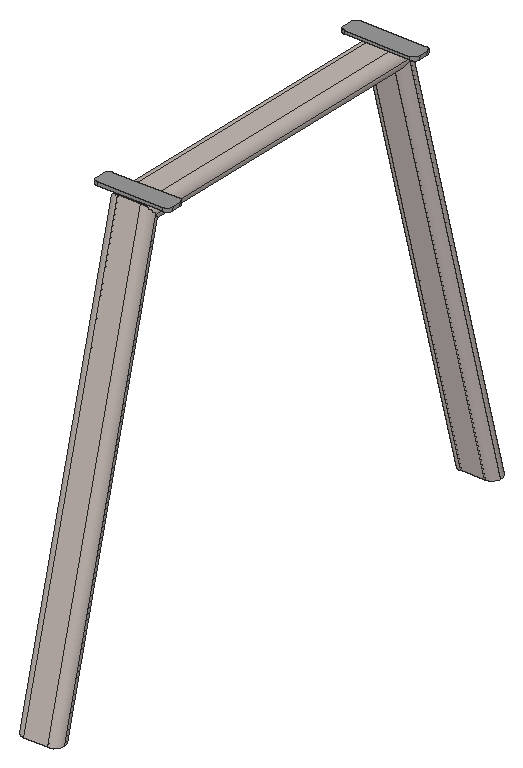
Revit family "FU_Table_Sandler_Plania_PL30250", category Furniture, Revit 2020
Family settings
  OmniClass Number = 23.40.20.00
  OmniClass Title = General Furniture and Specialties
  Work Plane-Based = No
  Always vertical = Yes
  Cut with Voids When Loaded = No
  Shared = No
  Room Calculation Point = No
Parameters (values of type "PL30150")
  Width = 145 mm
  URL = "https://www.sandlerseating.com/product/pl30250/"
  Model = "Plania PL30250"
  Manufacturer = "Sandler"
  Height = 841.5 mm
  Description = "90cm / 36″ high aluminium trestle legs with cable way out for 120cm / 48″ wide Plania table tops. Epoxy finish."
  Depth = 1075.7 mm
  Default Elevation = 0 mm
  Aluminum = M2_M82
Reference planes
  plane 1 "Center (Front/Back)": y = 0
  plane 2: z = 0
  plane 3 "Center (Left/Right)": x = 0
  plane 4 "Right": x = -72.5
  plane 5 "Left": x = 72.5
  plane 6 "Back": y = 537.85
  plane 7 "Front": y = -537.85
  plane 8 "Height": z = 841.5
  plane 9 "Seat height": z = 400
  plane 10 "Leg Right Edge": x = -40.5
  plane 11 "Leg Left Edge": x = 40.5
  plane 12 "Right Leg Angle RIGHT": through (4267.2, -519.466, 8.5) normal (0, -0.9659, 0.2588)
  plane 13 "Left Leg Angle LEFT": through (4267.2, 519.466, 8.5) normal (0, -0.9659, -0.2588)
  plane 14 "Top Leg Center RIGHT": z = 817.4
  plane 15 "Glide Height": z = 5.5
  plane 16 "Support Top": z = 835.5
  plane 17: y = -342.908
  plane 18: z = 740.108
  plane 19: y = 342.908
  plane 20 "Right Leg Angle RIGHT": through (4267.2, -479.116, 8.5) normal (0, -0.9659, 0.2588)
  plane 21: y = -302.558
  plane 22 "Left Leg Angle LEFT": through (4267.2, 479.116, 8.5) normal (0, -0.9659, -0.2588)
  plane 23: y = 302.558
Forms (mm)
  Extrusion 1, solid, material "Rubber, Black"
    sketch origin (0, 42.26, 841.5) x (-1, 0, 0) y (0, -1, 0)
      loop
        line (62.5, 355.358) -> (-62.5, 355.358)
        arc (-62.5, 355.358) -> (-69.571, 352.429) -> (-72.5, 345.358) r 10
        line (-72.5, 345.358) -> (-72.5, 327.858)
        arc (-72.5, 327.858) -> (-69.571, 320.786) -> (-62.5, 317.858) r 10
        line (-62.5, 317.858) -> (62.5, 317.858)
        arc (62.5, 317.858) -> (69.571, 320.786) -> (72.5, 327.858) r 10
        line (72.5, 327.858) -> (72.5, 345.358)
        arc (72.5, 345.358) -> (69.571, 352.429) -> (62.5, 355.358) r 10
    from -6 to 0
  Extrusion 2, void
    sketch origin (0, 0, 0) x (0, 1, 0) y (0, 0, 1)
      loop
        line (-539.53, -9.5) -> (-495.308, -9.5) -> (-495.308, 5.5) -> (-539.53, 5.5) -> (-539.53, -9.5)
    from -72.5 to 72.5
  Extrusion 3, void
    sketch origin (0, 0, 0) x (0, -1, 0) y (0, 0, -1)
      loop
        line (-539.53, 9.5) -> (-539.53, -5.5) -> (-495.308, -5.5) -> (-495.308, 9.5) -> (-539.53, 9.5)
    from -72.5 to 72.5
  Extrusion 4, solid
    sketch origin (0, 0, 0) x (1, 0, 0) y (0, 1, 0)
      loop
        arc (-14.25, -515.518) -> (-20.25, -521.518) -> (-14.25, -527.518) r 6
        line (-14.25, -527.518) -> (14.25, -527.518)
        arc (14.25, -527.518) -> (20.25, -521.518) -> (14.25, -515.518) r 6
        line (14.25, -515.518) -> (-14.25, -515.518)
    from 0 to 5.5
  Extrusion 5, solid
    sketch origin (0, 0, 0) x (1, 0, 0) y (0, 1, 0)
      loop
        line (-14.25, 515.518) -> (14.25, 515.518)
        arc (14.25, 515.518) -> (20.25, 521.518) -> (14.25, 527.518) r 6
        line (14.25, 527.518) -> (-14.25, 527.518)
        arc (-14.25, 527.518) -> (-20.25, 521.518) -> (-14.25, 515.518) r 6
    from 0 to 5.5
  Extrusion 6, solid, material "Rubber, Black"
    sketch origin (0, -42.26, 841.5) x (-1, 0, 0) y (0, -1, 0)
      loop
        arc (62.5, -355.358) -> (69.571, -352.429) -> (72.5, -345.358) r 10
        line (72.5, -345.358) -> (72.5, -327.858)
        arc (72.5, -327.858) -> (69.571, -320.786) -> (62.5, -317.858) r 10
        line (62.5, -317.858) -> (-62.5, -317.858)
        arc (-62.5, -317.858) -> (-69.571, -320.786) -> (-72.5, -327.858) r 10
        line (-72.5, -327.858) -> (-72.5, -345.358)
        arc (-72.5, -345.358) -> (-69.571, -352.429) -> (-62.5, -355.358) r 10
        line (-62.5, -355.358) -> (62.5, -355.358)
    from -6 to 0
  Sweep 7, solid, material "M2_M82" <- "Aluminum"
    path origin (0, 0, 0) x (0, 1, 0) y (0, 0, 1)
      loop
        line (-521.518, 0) -> (-302.496, 817.4) -> (302.721, 817.4) -> (521.743, 0)
    profile "Pro Lozenge : W80xH35" origin (0, -412.007, 408.7) x (0, -0.965926, 0.258819) y (1, 0, 0)
      loop
        arc (-17.48, -22.6) -> (-12.381, -34.911) -> (-0.07, -40.01) r 17.41
        arc (-0.07, -40.01) -> (12.361, -34.638) -> (17.48, -22.1) r 17.913
        line (17.48, -22.1) -> (17.48, 22.6)
        arc (17.48, 22.6) -> (12.331, 34.96) -> (-0.07, 40.01) r 17.41
        arc (-0.07, 40.01) -> (-12.381, 34.911) -> (-17.48, 22.6) r 17.41
        line (-17.48, 22.6) -> (-17.48, -22.6)
Cuts and joins
  Extrusion 2, Extrusion 3 cuts Sweep 7
Dimensions and locks
  equal spacing: plane 4 "Right", plane 3 "Center (Left/Right)", plane 5 "Left"
  "Width": plane 4 "Right" to plane 5 "Left"
  equal spacing: plane 6 "Back", plane 1 "Center (Front/Back)", plane 7 "Front"
  "Depth": plane 6 "Back" to plane 7 "Front"
  "Height": plane 8 "Height" to level
  plane 9 "Seat height" to level = 400 mm
  locked: plane 7 "Front" to plane 17 at 194.942
  locked: plane 19 to plane 6 "Back" at 194.942
  plane 8 "Height" to plane 16 "Support Top" to plane 14 "Top Leg Center RIGHT" to plane 18 = 6 mm locked, 18.1 mm locked, 77.292 mm locked
  aligned and locked: level to plane 2
  aligned and locked: plane 15 "Glide Height" to Extrusion 4
Automatic sketch dimensions
  Extrusion 1 sketch curve to plane 5 "Left" = 0 mm
  Extrusion 1 sketch curve to plane 4 "Right" = 0 mm
  Extrusion 1 sketch curve to plane 5 "Left" = 10 mm  (x2)
  plane 4 "Right" to Extrusion 1 sketch curve = 10 mm  (x2)
  plane 17 to Extrusion 1 sketch curve = 29.81 mm
  Extrusion 1 sketch curve to Extrusion 1 sketch curve = 17.5 mm
  Extrusion 2 sketch curve to plane 15 "Glide Height" = 0 mm
  Extrusion 2 sketch curve to plane 7 "Front" = 1.68 mm
  plane 7 "Front" to Extrusion 2 sketch curve = 42.542 mm
  Extrusion 2 sketch curve to level = 9.5 mm
  Extrusion 3 sketch curve to plane 15 "Glide Height" = 0 mm
  Extrusion 3 sketch curve to plane 6 "Back" = 1.68 mm
  plane 6 "Back" to Extrusion 3 sketch curve = 42.542 mm
  level to Extrusion 3 sketch curve = 9.5 mm
  Extrusion 4 sketch curve to plane 3 "Center (Left/Right)" = 14.25 mm
  plane 3 "Center (Left/Right)" to Extrusion 4 sketch curve = 14.25 mm
  plane 7 "Front" to Extrusion 4 sketch curve = 10.332 mm
  Extrusion 4 sketch curve to Extrusion 4 sketch curve = 6 mm
  Extrusion 4 sketch curve to Extrusion 4 sketch curve = 0 mm
  plane 3 "Center (Left/Right)" to Extrusion 5 sketch curve = 14.25 mm
  Extrusion 5 sketch curve to plane 3 "Center (Left/Right)" = 14.25 mm
  plane 6 "Back" to Extrusion 5 sketch curve = 10.332 mm
  Extrusion 5 sketch curve to Extrusion 5 sketch curve = 6 mm
  Extrusion 5 sketch curve to Extrusion 5 sketch curve = 0 mm
  Extrusion 6 sketch curve to plane 5 "Left" = 0 mm
  Extrusion 6 sketch curve to plane 4 "Right" = 0 mm
  plane 5 "Left" to Extrusion 6 sketch curve = 10 mm  (x2)
  Extrusion 6 sketch curve to plane 4 "Right" = 10 mm  (x2)
  Extrusion 6 sketch curve to plane 19 = 29.81 mm
  Extrusion 6 sketch curve to Extrusion 6 sketch curve = 17.5 mm
  Sweep 7 sketch curve to level = 0 mm  (x2)
  plane 14 "Top Leg Center RIGHT" to Sweep 7 sketch curve = 0 mm
  Sweep 7 sketch curve to plane 13 "Left Leg Angle LEFT" = 0 mm
  plane 13 "Left Leg Angle LEFT" to Sweep 7 sketch curve = 0 mm
  Sweep 7 sketch curve to plane 17 = 40.412 mm
  plane 7 "Front" to Sweep 7 sketch curve = 16.332 mm
